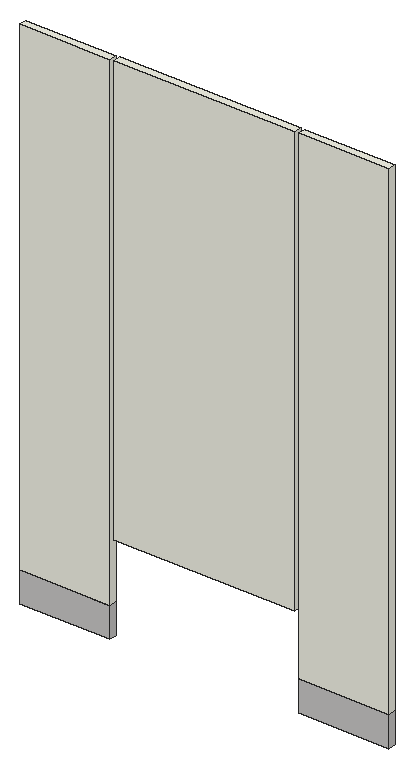
Revit family
Parameters (values of type "B-1031")
  URL = "http://www.bobrick.com"
  Partition Material = Laminated Plastic - Bobrick - Designer White
  Panel Value = if(DoorPanel Width < 1", 1", if(DoorPanel Width > 84", 84", DoorPanel Width))  # 24"
  Model = "B1031 TrimLineSeries Floor-Anchored"
  Manufacturer = "Bobrick Washroom Equipment, Inc."
  Inswing Value = if(DoorPanel Width < 22", 22", if(DoorPanel Width > 37", 37", DoorPanel Width))  # 24"
  DoorPanel Width = 24"
  Right Stile Width = 12"
  Right Stile Visible = yes
  Right Stile Value = if(Right Stile Width < 3", 3", if(Right Stile Width > 24", 24", Right Stile Width))  # 12"
  Panel = not(Door Panel)  # no
  Outswing Value = if(DoorPanel Width < 25", 25", if(DoorPanel Width > 37", 37", DoorPanel Width))  # 25"
  Outswing = and(not(Inswing Visibility), Door Panel)  # no
  Left Stile Width = 12"
  Left Stile Visible = yes
  Left Stile Value = if(Left Stile Width < 3", 3", if(Left Stile Width > 24", 24", Left Stile Width))  # 12"
  Inswing Visibility = and(Inswing, Door Panel)  # yes
  Inswing = yes
  Width Value = if(Inswing Visibility, Inswing Value, if(Outswing, Outswing Value, if(Panel, Panel Value, 36")))  # 24"
  Door Panel = yes
  Description = "Laminated Plastic Partitions And Screens With Stainless Steel Edges"
  Assembly Code = "C1030200"
  ADA Compliant = yes
Reference planes (in)
  plane 1 "Center (Front/Back)": y = 0
  plane 2: z = 0
  plane 3 "Center (Left/Right)": x = 0
  plane 4: x = -24.5
  plane 5: x = 24.5
  plane 6: y = 0.5
  plane 7: y = -0.5
  plane 8: x = -12.5
  plane 9: x = 12.5
  plane 10: x = -12
  plane 11: x = 12
  plane 12: z = 4
  plane 13: z = 12
  plane 14: z = 69
  plane 15: z = 40.5
  plane 16: y = 24.5
  plane 17: x = 11
Forms (in)
  Extrusion 1, solid, material "Laminated Plastic - Bobrick - Designer White" <- "Partition Material", visible <- "Left Stile Visible"
    sketch origin (0, 0, 0) x (1, 0, 0) y (0, 1, 0)
      loop
        line (-24.5, 0.5) -> (-24.5, -0.5) -> (-12.5, -0.5) -> (-12.5, 0.5) -> (-24.5, 0.5)
    from 4 to 69
  Extrusion 2, solid, material "Stainless Steel - Bobrick - Satin", visible <- "Left Stile Visible"
    sketch origin (0, 0, 0) x (1, 0, 0) y (0, 1, 0)
      loop
        line (-24.5, 0.5) -> (-24.5, -0.5) -> (-12.5, -0.5) -> (-12.5, 0.5) -> (-24.5, 0.5)
    from 0 to 4
  Extrusion 3, solid, material "Laminated Plastic - Bobrick - Designer White" <- "Partition Material"
    sketch origin (0, 0, 0) x (1, 0, 0) y (0, 1, 0)
      loop
        line (-12, 0.5) -> (-12, -0.5) -> (12, -0.5) -> (12, 0.5) -> (-12, 0.5)
    from 12 to 69
  Extrusion 4, solid, material "Laminated Plastic - Bobrick - Designer White" <- "Partition Material", visible <- "Right Stile Visible"
    sketch origin (0, 0, 0) x (-1, 0, 0) y (0, -1, 0)
      loop
        line (-24.5, -0.5) -> (-12.5, -0.5) -> (-12.5, 0.5) -> (-24.5, 0.5) -> (-24.5, -0.5)
    from 4 to 69
  Extrusion 5, solid, material "Stainless Steel - Bobrick - Satin", visible <- "Right Stile Visible"
    sketch origin (0, 0, 0) x (-1, 0, 0) y (0, -1, 0)
      loop
        line (-24.5, -0.5) -> (-12.5, -0.5) -> (-12.5, 0.5) -> (-24.5, 0.5) -> (-24.5, -0.5)
    from 0 to 4
Lines and regions (in)
  Masking region 1, visible <- "Left Stile Visible"
    outline origin (0, 0, 0) x (1, 0, 0) y (0, 0, 1)
      loop
        line (-24.5, 69) -> (-24.5, 0) -> (-12.5, 0) -> (-12.5, 69) -> (-24.5, 69)
  Masking region 2
    outline origin (0, 0, 0) x (1, 0, 0) y (0, 0, 1)
      loop
        line (-12, 69) -> (-12, 12) -> (12, 12) -> (12, 69) -> (-12, 69)
  Masking region 3, visible <- "Right Stile Visible"
    outline origin (0, 0, 0) x (1, 0, 0) y (0, 0, 1)
      loop
        line (12.5, 69) -> (12.5, 0) -> (24.5, 0) -> (24.5, 69) -> (12.5, 69)
  Masking region 4, visible <- "Door Panel"
    outline origin (0, 0, 0) x (1, 0, 0) y (0, 1, 0)
      loop
        line (11, 24.5) -> (11, 0.5) -> (12, 0.5) -> (12, 24.5) -> (11, 24.5)
  Masking region 5, visible <- "Left Stile Visible"
    outline origin (0, 0, 0) x (1, 0, 0) y (0, 1, 0)
      loop
        line (-24.5, 0.5) -> (-24.5, -0.5) -> (-12.5, -0.5) -> (-12.5, 0.5) -> (-24.5, 0.5)
  Masking region 6, visible <- "Right Stile Visible"
    outline origin (0, 0, 0) x (1, 0, 0) y (0, 1, 0)
      loop
        line (12.5, 0.5) -> (12.5, -0.5) -> (24.5, -0.5) -> (24.5, 0.5) -> (12.5, 0.5)
  Masking region 7, visible <- "Panel"
    outline origin (0, 0, 0) x (1, 0, 0) y (0, 1, 0)
      loop
        line (-12, -0.5) -> (12, -0.5) -> (12, 0.5) -> (-12, 0.5) -> (-12, -0.5)
  Masking region 8
    outline origin (0, 0, 0) x (0, 1, 0) y (0, 0, 1)
      loop
        line (0.5, 69) -> (-0.5, 69) -> (-0.5, 0) -> (0.5, 0) -> (0.5, 69)
  symbolic lines, visible <- "Left Stile Visible"
    curve 1: line (-24.5, 0, 4) -> (-12.5, 0, 4)
  symbolic lines, visible <- "Right Stile Visible"
    curve 2: line (12.5, 0, 4) -> (24.5, 0, 4)
  symbolic lines, style "Partition Elevation Swing", visible <- "Door Panel"
    curve 3: line (-12, 0, 69) -> (12, 0, 40.39791)
    curve 4: line (12, 0, 40.39791) -> (-12, 0, 12)
    curve 5: arc (-12, 0.5, 0) -> (-4.97056, 17.47056, 0) -> (12, 24.5, 0) r 24
  symbolic lines, style "Partition"
    curve 6: line (0, 0.5, 4) -> (0, -0.5, 4)
Dimensions and locks (in)
  equal spacing: host sketch curve, plane 1 "Center (Front/Back)", host sketch curve
  equal spacing: host sketch curve, plane 3 "Center (Left/Right)", host sketch curve
  host sketch curve to host sketch curve = 120"  (x2)
  locked: plane 8 to plane 10 at 0.5
  locked: plane 11 to plane 9 at 0.5
  "Width Value": plane 10 to plane 11
  equal spacing: plane 10, plane 3 "Center (Left/Right)", plane 11
  "Left Stile Value": plane 4 to plane 8
  "Right Stile Value": plane 9 to plane 5
  locked: plane 12 to level at 4
  locked: plane 13 to level at 12
  locked: plane 14 to level at 69
  locked: plane 6 to plane 7 at 1
  equal spacing: plane 6, plane 1 "Center (Front/Back)", plane 7
  equal spacing: plane 14, plane 15, plane 13
  "Width Value": plane 16 to plane 6
  locked: plane 17 to plane 11 at 1
  aligned and locked: level to plane 2
  aligned and locked: Extrusion 1 sketch curve to plane 6
  aligned and locked: plane 4 to Extrusion 1 sketch curve
  aligned and locked: plane 7 to Extrusion 1 sketch curve
  aligned and locked: Extrusion 1 sketch curve to plane 8
  aligned: Extrusion 1 to level
  aligned and locked: plane 14 to Extrusion 1
  aligned and locked: Extrusion 1 to plane 12
  aligned and locked: plane 4 to Extrusion 2 sketch curve
  aligned and locked: Extrusion 2 sketch curve to plane 6
  aligned and locked: Extrusion 2 sketch curve to plane 8
  aligned and locked: plane 7 to Extrusion 2 sketch curve
  aligned and locked: plane 12 to Extrusion 2
  aligned and locked: Extrusion 2 to level
  aligned and locked: plane 10 to Extrusion 3 sketch curve
  aligned and locked: Extrusion 3 sketch curve to plane 6
  aligned and locked: plane 7 to Extrusion 3 sketch curve
  aligned and locked: Extrusion 3 sketch curve to plane 11
  aligned and locked: plane 14 to Extrusion 3
  aligned and locked: Extrusion 3 to plane 13
  aligned and locked: Extrusion 5 sketch curve to plane 9
  aligned and locked: plane 6 to Extrusion 5 sketch curve
  aligned and locked: plane 5 to Extrusion 5 sketch curve
  aligned and locked: Extrusion 5 sketch curve to plane 7
  aligned and locked: Extrusion 4 sketch curve to plane 9
  aligned and locked: plane 6 to Extrusion 4 sketch curve
  aligned and locked: Extrusion 4 sketch curve to plane 7
  aligned and locked: plane 5 to Extrusion 4 sketch curve
  aligned and locked: plane 14 to Extrusion 4
  aligned and locked: Masking region 1 sketch curve to plane 14
  aligned and locked: Masking region 1 sketch curve to plane 4
  aligned and locked: Masking region 1 sketch curve to level
  aligned and locked: Masking region 1 sketch curve to plane 8
  aligned and locked: Masking region 2 sketch curve to plane 14
  aligned and locked: Masking region 2 sketch curve to plane 10
  aligned and locked: Masking region 2 sketch curve to plane 11
  aligned and locked: Masking region 2 sketch curve to plane 13
  aligned and locked: Masking region 3 sketch curve to plane 14
  aligned and locked: Masking region 3 sketch curve to plane 9
  aligned and locked: Masking region 3 sketch curve to plane 5
  aligned and locked: Masking region 3 sketch curve to level
  aligned and locked: curve 1 to plane 12
  aligned and locked: plane 4 to curve 1
  aligned and locked: plane 8 to curve 1
  aligned and locked: curve 2 to plane 12
  aligned and locked: plane 5 to curve 2
  aligned and locked: plane 9 to curve 2
  aligned and locked: plane 14 to curve 3
  aligned and locked: plane 10 to curve 3
  aligned and locked: plane 11 to curve 4
  aligned and locked: plane 10 to curve 4
  aligned and locked: plane 13 to curve 4
  aligned and locked: Masking region 4 sketch curve to plane 16
  aligned and locked: plane 17 to Masking region 4 sketch curve
  aligned and locked: plane 6 to Masking region 4 sketch curve
  aligned and locked: Masking region 4 sketch curve to plane 11
  aligned and locked: Masking region 5 sketch curve to plane 6
  aligned and locked: plane 4 to Masking region 5 sketch curve
  aligned and locked: plane 7 to Masking region 5 sketch curve
  aligned and locked: Masking region 5 sketch curve to plane 8
  aligned and locked: Masking region 6 sketch curve to plane 6
  aligned and locked: plane 9 to Masking region 6 sketch curve
  aligned and locked: plane 7 to Masking region 6 sketch curve
  aligned and locked: Masking region 6 sketch curve to plane 5
  aligned and locked: Masking region 4 to curve 5
  aligned and locked: plane 10 to curve 5
  aligned and locked: plane 6 to curve 5  (x2)
  aligned and locked: plane 11 to curve 5
  aligned and locked: Masking region 7 sketch curve to plane 7
  aligned and locked: Masking region 7 sketch curve to plane 10
  aligned and locked: plane 6 to Masking region 7 sketch curve
  aligned and locked: plane 11 to Masking region 7 sketch curve
  aligned and locked: level to Masking region 8 sketch curve
  aligned and locked: Masking region 8 sketch curve to plane 14
  aligned and locked: Masking region 8 sketch curve to plane 6
  aligned and locked: plane 7 to Masking region 8 sketch curve
  aligned and locked: plane 12 to curve 6
  aligned and locked: plane 7 to curve 6
  aligned and locked: plane 6 to curve 6
  aligned and locked: Extrusion 5 to level
  aligned and locked: plane 12 to Extrusion 5
  aligned and locked: Extrusion 4 to plane 12
Automatic sketch dimensions
  curve 4 to plane 15 = 0.10209"
